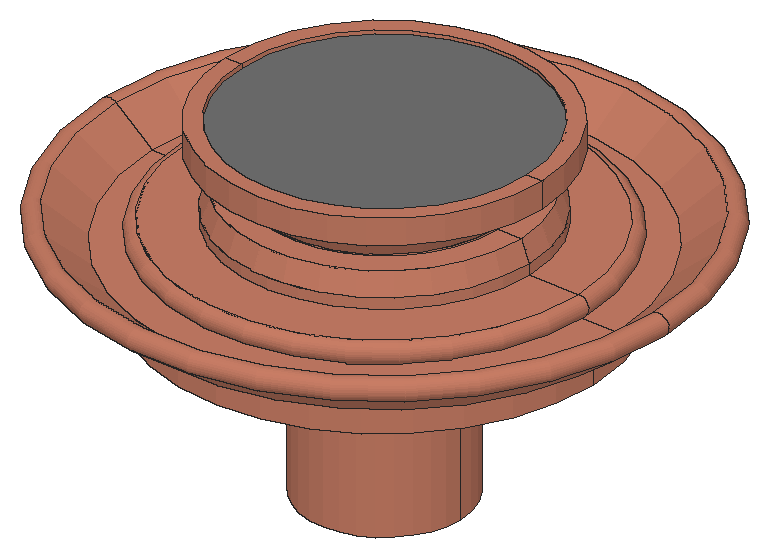
Revit family
Parameters (values of type "2005-02-A05")
  Weight (lb) = 0
  Waste Connection = no
  Warranty = "1 year material and workmanship"  # constant formula
  Vent Connection = no
  URL = "http://www.jrsmith.com"
  Top Offset From Floor [instance] = 1 1/4"
  Technical and Installation = "http://www.jrsmith.com/products/floor/tech_data_index.htm"
  Strainer Diameter = 5"
  Speedi Set Connection = yes
  SMARTBIM URL = "www.smartbim.com"
  SMARTBIM Object Version = 3  # constant formula
  SMARTBIM Object Created By = "SMARTBIM,LLC"  # constant formula
  SMARTBIM Contact = "mailto:smartbim@smartbim.com"
  Product URL = "http://www.jrsmith.com/products/floor/submittal/d2005.pdf"
  Outlet Radius = Outlet Diameter / 2  # 1"
  Outlet Diameter = 2"
  OmniClass Title = "Sanitary Drains"  # constant formula
  OmniClass Code = "22-22 13 19 13"  # constant formula
  Offset From Floor [instance] = 0"
  No-Hub Connection = yes
  Model = "2005A"  # constant formula
  Material Finish = Duco Coated
  Material = Cast Iron
  Manufacturer = "Jay R. Smith Mfg. Co. "  # constant formula
  Free Area (Sq.In) = "7"
  Floor Offset = 1 1/2"
  Drain Screen Radius = B Strainer Radius - 1/4"  # 2 1/4"
  Description = "Duco cast iron body with flashing collar and adjustable strainer head"  # constant formula
  Default Elevation = 0"
  Connection Type = ""
  B Strainer Radius = Strainer Diameter / 2  # 2 1/2"
  Assembly Code = "D2030300"
  95 CSI = "15155"  # constant formula
  04 CSI = "22 13 19"  # constant formula
Types (30): name | Strainer Diameter | Outlet Radius | Outlet Diameter | Free Area (Sq.In) | Drain Screen Radius | B Strainer Radius
  2005-02-A05 | 5" | 1" | 2" | "7" | 2 1/4" | 2 1/2"
  2005-03-A05 | 5" | 1 1/2" | 3" | "7" | 2 1/4" | 2 1/2"
  2005-04-A05 | 5" | 2" | 4" | "7" | 2 1/4" | 2 1/2"
  2005-05-A05 | 5" | 2 1/2" | 5" | "7" | 2 1/4" | 2 1/2"
  2005-06-A05 | 5" | 3" | 6" | "7" | 2 1/4" | 2 1/2"
  2005-02-A06 | 6" | 1" | 2" | "9" | 2 3/4" | 3"
  2005-03-A06 | 6" | 1 1/2" | 3" | "9" | 2 3/4" | 3"
  2005-04-A06 | 6" | 2" | 4" | "9" | 2 3/4" | 3"
  2005-05-A06 | 6" | 2 1/2" | 5" | "9" | 2 3/4" | 3"
  2005-06-A06 | 6" | 3" | 6" | "9" | 2 3/4" | 3"
  2005-02-A07 | 7" | 1" | 2" | "14" | 3 1/4" | 3 1/2"
  2005-03-A07 | 7" | 1 1/2" | 3" | "14" | 3 1/4" | 3 1/2"
  2005-04-A07 | 7" | 2" | 4" | "14" | 3 1/4" | 3 1/2"
  2005-05-A07 | 7" | 2 1/2" | 5" | "14" | 3 1/4" | 3 1/2"
  2005-06-A07 | 7" | 3" | 6" | "14" | 3 1/4" | 3 1/2"
  2005-02-A08 | 8" | 1" | 2" | "17" | 3 3/4" | 4"
  2005-03-A08 | 8" | 1 1/2" | 3" | "17" | 3 3/4" | 4"
  2005-04-A08 | 8" | 2" | 4" | "17" | 3 3/4" | 4"
  2005-05-A08 | 8" | 2 1/2" | 5" | "17" | 3 3/4" | 4"
  2005-06-A08 | 8" | 3" | 6" | "17" | 3 3/4" | 4"
  2005-02-A09 | 9" | 1" | 2" | "18" | 4 1/4" | 4 1/2"
  2005-03-A09 | 9" | 1 1/2" | 3" | "18" | 4 1/4" | 4 1/2"
  2005-04-A09 | 9" | 2" | 4" | "18" | 4 1/4" | 4 1/2"
  2005-05-A09 | 9" | 2 1/2" | 5" | "18" | 4 1/4" | 4 1/2"
  2005-06-A09 | 9" | 3" | 6" | "18" | 4 1/4" | 4 1/2"
  2005-02-A10 | 10" | 1" | 2" | "23" | 4 3/4" | 5"
  2005-03-A10 | 10" | 1 1/2" | 3" | "23" | 4 3/4" | 5"
  2005-04-A10 | 10" | 2" | 4" | "23" | 4 3/4" | 5"
  2005-05-A10 | 10" | 2 1/2" | 5" | "23" | 4 3/4" | 5"
  2005-06-A10 | 10" | 3" | 6" | "23" | 4 3/4" | 5"
Reference planes (in)
  plane 1 "Center (Front/Back)": y = 0
  plane 2: z = 0
  plane 3 "Center (Left/Right)": x = -0.54782
  plane 4: z = 0
  plane 5: z = 1.25
Lines and regions (in)
  symbolic lines, detail levels fine
    curve 1: circle (-0.52587, 0, 0) r 4.5 normal (0, 0, 1)
  model lines, detail levels coarse+medium
    curve 2: line (-3.04782, 0, 1.23544) -> (1.95218, 0, 1.23544)
    curve 3: line (-0.54782, 0, 1.23544) -> (-0.54782, 0, -4.01252)
    curve 4: line (-1.54782, 0, -4.01252) -> (0.45218, 0, -4.01252)
Dimensions and locks (in)
  "Offset From Floor": level to nested 1
  "Offset From Floor": level to plane 4
  "Outlet Radius": curve 4 to plane 3 "Center (Left/Right)"
  "Outlet Radius": plane 3 "Center (Left/Right)" to curve 4
  "B Strainer Radius": plane 3 "Center (Left/Right)" to curve 2
  "B Strainer Radius": curve 2 to plane 3 "Center (Left/Right)"
  "Top Offset From Floor": plane 5 to plane 4
  aligned and locked: curve 2 to nested 1
  aligned and locked: nested 1 to curve 3
  aligned and locked: curve 2 to curve 3
  aligned and locked: curve 3 to plane 3 "Center (Left/Right)"
  aligned and locked: curve 4 to nested 1
Automatic sketch dimensions
  curve 1 to plane 1 "Center (Front/Back)" = 0"
  plane 3 "Center (Left/Right)" to curve 1 = 0.02194"
  radius of curve 1 = 4 1/2"
Nested families (in)
  nested 1: "Flr_Drn_2005_Rnd-A" at (0, 0, -0.01456), type "2005-A", detail levels fine
Connectors (in)
  piping at (-0.54782, 0, -4.01252), driven by "Outlet Radius"
    settings: on nested 1, index 1
Definition of nested family "Flr_Drn_2005_Rnd-A"
  Parameters (values of type "2005-A")
    Waste Connection = no
    Vent Connection = no
    URL = ""
    Strainer Diameter = 5"
    Outlet Radius = Outlet Diameter / 2  # 1"
    Outlet Diameter = 2"
    Model = ""
    Material Finish = Duco Coated
    Material = Cast Iron
    Manufacturer = ""
    Floor Offset = 1 1/4"
    Drain Screen Radius = B Strainer Radius - 1/4"  # 2 1/4"
    Dome Free Area (Sq. In.) = "23"
    Description = ""
    Default Elevation = 0"
    B Strainer Radius = Strainer Diameter / 2  # 2 1/2"
    Assembly Code = ""
    95 CSI = ""
    04 CSI = ""
  Reference planes (in)
    plane 1 "Center (Front/Back)": y = 0
    plane 2: z = 0
    plane 3 "Center (Left/Right)": x = -0.54782
    plane 4: z = 1.25
    plane 5: x = 3.95218
  Forms (in)
    Revolve 1, solid, material "Cast Iron" <- "Material"
      sketch origin (0, 0, 0) x (1, 0, 0) y (0, 0, 1)
        loop
          line (0.45218, -3.99796) -> (0.65635, -3.99796) -> (0.65635, -2.0268) -> (0.7063, -1.65865) -> (2.76187, -1.34682) -> (2.76187, -0.7312) -> (3.24617, -0.7312) -> (3.88814, -0.25597)
          arc (3.88814, -0.25597) -> (3.91927, -0.0323) -> (3.69502, -0.00559) r 0.15813
          line (3.69502, -0.00559) -> (3.12272, -0.46531) -> (0.45218, -0.46531) -> (0.45218, -3.99796)
        axis (-0.54782, -0.00559) -> (-0.54782, -3.99796)
      angle from 0 to 360
    Revolve 2, solid, material "Cast Iron" <- "Material"
      sketch origin (-0.50191, 0, -0.64574) x (1, 0, 0) y (0, 0, 1)
        loop
          line (2.4541, 1.89574) -> (2.2072, 1.89574) -> (2.2072, 1.66423) -> (1.73714, 1.66423) -> (1.73714, 1.48487) -> (1.60642, 1.12655) -> (1.60642, -0.61725) -> (1.74344, -0.61725) -> (1.74344, 0.99032) -> (2.0186, 1.42181) -> (2.0186, 1.50919) -> (2.4541, 1.50919) -> (2.4541, 1.89574)
        axis (-0.0459, 1.89574) -> (-0.0459, -0.61725)
      angle from 0 to 360
    Extrusion 3, solid, material "Duco Coated" <- "Material Finish"
      sketch origin (5.7395, 0, 2.16918) x (-1, 0, 0) y (0, -1, 0)
        loop
          circle (6.26537, 0) r 2.25
      from -1.15068 to -0.96563
    Revolve 4, solid, material "Cast Iron" <- "Material"
      sketch origin (0, 0, 0) x (1, 0, 0) y (0, 0, 1)
        loop
          line (1.24153, 0.32762) -> (1.24153, -0.15194) -> (1.45218, -0.15194) -> (1.45218, -0.46255) -> (2.5276, -0.46255)
          arc (2.5276, -0.46255) -> (2.6829, -0.30724) -> (2.5276, -0.15194) r 0.15531
          line (2.5276, -0.15194) -> (1.75025, -0.15194) -> (1.75025, 0.01456) -> (1.62879, 0.32762) -> (1.24153, 0.32762)
        axis (-0.54782, 0.32762) -> (-0.54782, -0.46255)
      angle from 0 to 360
  Lines and regions (in)
    symbolic lines
      curve 1: arc (1.72413, 0, 0) -> (-0.52587, 2.25, 0) -> (-2.77587, 0, 0) r 2.25
      curve 2: arc (-2.77587, 0, 0) -> (-0.52587, -2.25, 0) -> (1.72413, 0, 0) r 2.25
  Dimensions and locks (in)
    "B Strainer Radius": Revolve 2 sketch curve to plane 3 "Center (Left/Right)"
    Revolve 2 sketch curve to Revolve 2 sketch curve to Revolve 2 sketch curve to Revolve 2 sketch curve = 0.28146" locked, 0.18859" locked, 0.2469" locked
    locked: Revolve 1 sketch curve to Revolve 1 sketch curve at 0.20417
    "Floor Offset": plane 4 to level
    plane 4 to Extrusion 3 to Extrusion 3 = 0.04646" locked, 0.18504" locked
    locked: Revolve 2 to Revolve 4 sketch curve at 0.50872
    locked: Revolve 4 sketch curve to Revolve 2 at 0.21066
    locked: Revolve 4 sketch curve to level at 0.32762
    "Outlet Radius": Revolve 1 sketch curve to plane 3 "Center (Left/Right)"
    locked: plane 4 to Extrusion 3 at 0.2315
    plane 4 to Revolve 2 sketch curve to Revolve 2 sketch curve to Revolve 2 sketch curve to Revolve 2 sketch curve to Revolve 2 sketch curve to Revolve 2 sketch curve = 0.2315" locked, 0.15505" locked, 0.02431" locked, 0.06307" locked, 0.29525" locked, 0.13623" locked
    locked: plane 5 to Revolve 1 sketch curve at 0.06404
    locked: plane 5 to Revolve 1 sketch curve at 0.82946
    "Drain Screen Radius": radius of Extrusion 3 sketch curve
    aligned and locked: Revolve 1 sketch curve to plane 3 "Center (Left/Right)"
    aligned and locked: Revolve 2 sketch curve to plane 3 "Center (Left/Right)"
    aligned and locked: curve 1 to Extrusion 3
    aligned and locked: curve 2 to Extrusion 3
    aligned and locked: Revolve 4 sketch curve to Revolve 2
    aligned and locked: Revolve 2 sketch curve to plane 4
  Automatic sketch dimensions
    Revolve 2 sketch curve to Revolve 2 sketch curve = 0.13702"
    Revolve 2 sketch curve to level = 47.30129"
    Revolve 2 sketch curve to Revolve 2 sketch curve = 93.01738"
    Revolve 4 sketch curve to plane 3 "Center (Left/Right)" = 0"
    Revolve 4 sketch curve to level = 0.15194"  (x2)
    Revolve 4 sketch curve to Revolve 4 sketch curve = 0.15531"
    Revolve 4 sketch curve to level = 4.38721"
    level to Revolve 4 sketch curve = 0.01456"
    level to Revolve 4 sketch curve = 2.6517"
    Revolve 2 sketch curve to level = 1.26298"
    plane 3 "Center (Left/Right)" to Revolve 2 sketch curve = 1 167/256"
    Extrusion 3 sketch curve to plane 1 "Center (Front/Back)" = 0"
    plane 3 "Center (Left/Right)" to Extrusion 3 sketch curve = 0.02194"
    Revolve 1 sketch curve to Revolve 1 sketch curve = 0.36085"
    Revolve 1 sketch curve to Revolve 1 sketch curve = 0.12345"
    Revolve 1 sketch curve to level = 0.00559"
    Revolve 1 sketch curve to Revolve 1 sketch curve = 0.09903"
    Revolve 1 sketch curve to level = 0.25597"
    Revolve 1 sketch curve to Revolve 1 sketch curve = 0.09409"
    Revolve 1 sketch curve to Revolve 1 sketch curve = 1.97116"
    Revolve 1 sketch curve to Revolve 1 sketch curve = 42.65759"
    Revolve 1 sketch curve to Revolve 1 sketch curve = 0.26589"
    plane 4 to Revolve 1 sketch curve = 93.6705"
    Revolve 1 sketch curve to Revolve 1 sketch curve = 0.25412"
    Revolve 1 sketch curve to level = 1.34682"
    Revolve 1 sketch curve to Revolve 1 sketch curve = 0.31183"
    Revolve 4 sketch curve to Revolve 4 sketch curve = 0.12146"
    Revolve 4 sketch curve to Revolve 4 sketch curve = 199/256"
    Revolve 1 sketch curve to Revolve 1 sketch curve = 0.36815"
    Revolve 1 sketch curve to Revolve 1 sketch curve = 0.61561"
